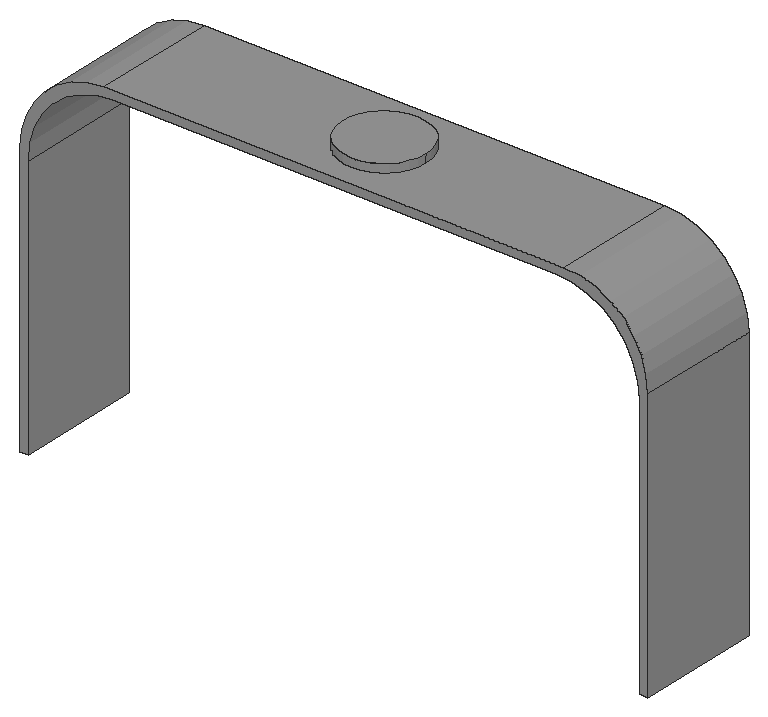
Revit family "RM - Zampa Tavolo", category Modelli generici, Revit 2016
Family settings
  Tipo di parte = Normale
  Può ospitare armatura = No
  Quota connettore circolare = Usa diametro
  Basato su piano di lavoro = No
  Sempre verticale = Sì
  Taglio con vuoti quando caricato = No
  Condiviso = No
  Punto di calcolo locali = No
Parameters
  Spessore Zampe Tavolo = 0.02 m
  Profondità Zampa = 0.30 m
  Materiale [instance] = Acciaio inox, Spazzolato
  Larghezza Zampa Tavolo = 1.50 m
  Altezza Tavolo = 0.85 m
Reference planes (m)
  plane 1 "Centro (Fronte/Retro)": y = 0
  plane 2: z = 0
  plane 3 "Centro (Sinistra/Destra)": x = -0.245532
  plane 4: z = 0.85
  plane 5: z = 0.83
  plane 6: x = -0.995532
  plane 7: x = -0.975532
  plane 8: x = 0.504468
  plane 9: x = 0.484468
  plane 10: y = 0.3
Forms (m)
  Extrusion 1, solid, material "Acciaio inox, Spazzolato" <- "Materiale"
    sketch origin (0, 0, 0) x (1, 0, 0) y (0, 0, 1)
      loop
        arc (-0.795532, 0.85) -> (-0.936954, 0.791421) -> (-0.995532, 0.65) r 0.2
        line (-0.995532, 0.65) -> (-0.995532, 0) -> (-0.975532, 0) -> (-0.975532, 0.63)
        arc (-0.975532, 0.63) -> (-0.916954, 0.771421) -> (-0.775532, 0.83) r 0.2
        line (-0.775532, 0.83) -> (0.284468, 0.83)
        arc (0.284468, 0.83) -> (0.425889, 0.771421) -> (0.484468, 0.63) r 0.2
        line (0.484468, 0.63) -> (0.484468, 0) -> (0.504468, 0) -> (0.504468, 0.65)
        arc (0.504468, 0.65) -> (0.445889, 0.791421) -> (0.304468, 0.85) r 0.2
        line (0.304468, 0.85) -> (-0.795532, 0.85)
    from 0 to -0.3
  Extrusion 2, solid, material "Acciaio inox, Spazzolato" <- "Materiale"
    sketch origin (0.245532, 0, 0) x (1, 0, 0) y (0, 1, 0)
      loop
        circle (-0.491065, 0.15) r 0.1
    from 0.85 to 0.87
Dimensions and locks (m)
  "Altezza Tavolo": plane 4 to level
  "Spessore Zampe Tavolo": plane 6 to plane 7
  "Spessore Zampe Tavolo": plane 4 to plane 5
  "Larghezza Zampa Tavolo": plane 6 to plane 8
  "Spessore Zampe Tavolo": plane 8 to plane 9
  "Profondità Zampa": plane 1 "Centro (Fronte/Retro)" to plane 10
  aligned and locked: level to plane 2
  aligned and locked: Extrusion 1 sketch curve to plane 6
  aligned and locked: Extrusion 1 sketch curve to plane 4
  aligned and locked: Extrusion 1 sketch curve to plane 8
  aligned and locked: level to Extrusion 1 sketch curve
  aligned and locked: Extrusion 1 sketch curve to plane 7
  aligned and locked: plane 5 to Extrusion 1 sketch curve
  aligned and locked: Extrusion 1 sketch curve to plane 9
  aligned and locked: plane 10 to Extrusion 1
  aligned and locked: plane 1 "Centro (Fronte/Retro)" to Extrusion 1
Automatic sketch dimensions
  Extrusion 1 sketch curve to level = 0.00 m
  plane 5 to Extrusion 1 sketch curve = 0.18 m
  Extrusion 1 sketch curve to Extrusion 1 sketch curve = 0.02 m  (x2)
  plane 3 "Centro (Sinistra/Destra)" to Extrusion 1 sketch curve = 0.53 m
  Extrusion 2 sketch curve to plane 10 = 0.15 m
  Extrusion 2 sketch curve to plane 3 "Centro (Sinistra/Destra)" = 0.00 m
  radius of Extrusion 2 sketch curve = 0.10 m
